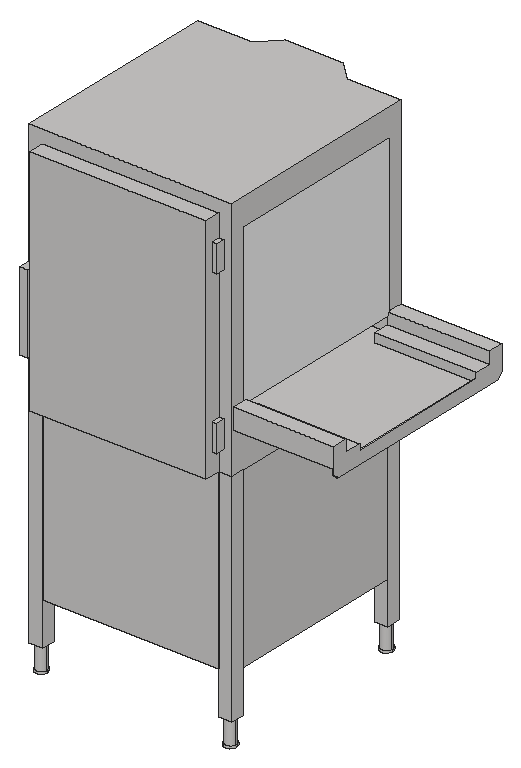
Revit family "QF_ELECTROLUXPROFESSIONAL_510502_RPWMDDR", category Specialty Equipment, Revit 2018
Family settings
  Round Connector Dimension = Use Diameter
  Part Type = Normal
  Work Plane-Based = No
  Always vertical = Yes
  Cut with Voids When Loaded = No
  Shared = No
  Room Calculation Point = No
Parameters
  hood_sx [instance] = yes
  Weight = 0.00 kg
  Watts = 0 W
  Volts = 220 V
  URL Manufacturer = "http://professional.electrolux.com/"
  URL = "http://professional.electrolux.com/"
  Steam Supply Size = 0 mm
  Steam Supply Minimum Pressure = 0.0 Pa
  Steam Supply Maximum Pressure = 0.0 Pa
  Steam Pounds per Hour = 0
  Show Clearance [instance] = yes
  Refrigeration Suction Line Size = 0 mm
  Refrigeration Liquid Line Size = 0 mm
  Refrigerant Compressor Remote = yes
  Manufacturer = "Electrolux"
  Phase = 0
  Model = "RPWMDDR"
  Length Actual = 600 mm  # constant formula
  Item Number = "510502"
  Hot Water Size = 12.7 mm
  Height Actual = 1450 mm  # constant formula
  HP = "1.2 HP"
  Gas Size = 0 mm
  Gas KW = 0
  Gas Input Pressure = 0 W
  Direct Waste Size = 139.7 mm
  Description = "REMOTE PREWASH MODULE, MACHINE DRIVEN RT-LEFT TO RIGHT"
  Depth Actual = 726 mm  # constant formula
  Cycle = 50 Hz
  Condensate Return Size = 0 mm
  Compressed Air Volume = 0.0 L/s
  Compressed Air Size = 0 mm
  Compressed Air Pressure = 0.0 Pa
  Cold Water Size = 12.7 mm
  Accessory = yes
Reference planes
  plane 1: z = 0
  plane 2 "Center Y": x = 883.437
  plane 3 "LEFT": x = 583.437
  plane 4 "RIGHT": x = 1183.437
  plane 5 "BACK": y = 313.258
  plane 6 "FRONT": y = -411.742
  plane 7 "TOP": z = 1450
  plane 8: z = 725
  plane 9: x = 1483.437
  plane 10 "Center X": y = -53.242
Forms (mm)
  Extrusion 1, solid, material "QF_Finishes_Stainless Steel"
    sketch origin (0, 0, 0) x (1, 0, 0) y (0, 1, 0)
      loop
        line (584.437, -325.742) -> (623.437, -325.742) -> (623.437, -364.742) -> (1143.437, -364.742) -> (1143.437, -325.742) -> (1182.437, -325.742) -> (1182.437, 219.258) -> (1143.437, 219.258) -> (1143.437, 258.258) -> (623.437, 258.258) -> (623.437, 219.258) -> (584.437, 219.258) -> (584.437, -325.742)
    from 201.366 to 725
  Extrusion 2, solid, material "QF_Finishes_Stainless Steel"
    sketch origin (0, 0, 0) x (1, 0, 0) y (0, 1, 0)
      loop
        line (583.437, 259.258) -> (583.437, -365.742) -> (1183.437, -365.742) -> (1183.437, 259.258) -> (583.437, 259.258)
    from 725 to 1450
  Extrusion 3, solid, material "QF_Finishes_Stainless Steel"
    sketch origin (0, 0, 0) x (1, 0, 0) y (0, 1, 0)
      loop
        line (623.437, -365.742) -> (623.437, -411.742) -> (1143.437, -411.742) -> (1143.437, -365.742) -> (623.437, -365.742)
    from 725 to 1410
  Extrusion 4, solid, material "QF_Finishes_Stainless Steel"
    sketch origin (1183.437, -365.742, 0) x (-1, 0, 0) y (0, 0, -1)
      loop
        line (40, -1345.389) -> (40, -1265.389) -> (25, -1265.389) -> (25, -1345.389) -> (40, -1345.389)
      loop
        line (40, -789.611) -> (25, -789.611) -> (25, -869.611) -> (40, -869.611) -> (40, -789.611)
    from 0 to 25.982
  Extrusion 5, solid, material "QF_Finishes_Stainless Steel"
    sketch origin (583.437, 437.565, 4000) x (0, 1, 0) y (0, 0, 1)
      loop
        line (-803.307, -2904.611) -> (-849.307, -2904.611) -> (-849.307, -3139.611) -> (-834.307, -3139.611) -> (-834.307, -2979.611) -> (-803.307, -2979.611) -> (-803.307, -2904.611)
    from 9.482 to 31.615
  Extrusion 6, solid, material "QF_Finishes_Stainless Steel"
    sketch origin (0, 0, 0) x (1, 0, 0) y (0, 1, 0)
      loop
        line (743.437, 259.258) -> (1023.437, 259.258) -> (969.437, 313.258) -> (797.437, 313.258) -> (743.437, 259.258)
    from 725 to 1450
  Extrusion 7, void
    sketch origin (583.437, 239.258, 0) x (0, -1, 0) y (0, 0, -1)
      loop
        line (20, -1370) -> (565, -1370) -> (565, -850) -> (20, -850) -> (20, -1370)
    from 0 to 1288.989
  Extrusion 8, solid, material "QF_Finishes_Trasparent Plastic"
    sketch origin (1328.306, -1560.5, 1370) x (1, 0, 0) y (0, 1, 0)
      loop
        line (-744.868, 1779.758) -> (-744.868, 1234.758) -> (-742.868, 1234.758) -> (-742.868, 1779.758) -> (-744.868, 1779.758)
    from 0 to -471.033
  Extrusion 9, solid, material "QF_Finishes_Trasparent Plastic"
    sketch origin (438.569, -1560.5, 1370) x (-1, 0, 0) y (0, -1, 0)
      loop
        line (-744.868, -1779.758) -> (-742.868, -1779.758) -> (-742.868, -1234.758) -> (-744.868, -1234.758) -> (-744.868, -1779.758)
    from 0 to -471.033
  Extrusion 10, solid, material "QF_Door-Drawer Clearances", visible <- "Show Clearance", detail levels coarse
    sketch origin (0, 0, 0) x (1, 0, 0) y (0, 1, 0)
      loop
        arc (623.437, -411.742) -> (1143.437, -931.742) -> (1663.437, -411.742) r 520
        line (1663.437, -411.742) -> (623.437, -411.742)
    from 725 to 1410
  Extrusion 11, solid, material "QF_Finishes_Stainless Steel"
    sketch origin (0, 0, 0) x (1, 0, 0) y (0, 1, 0)
      loop
        circle (1041.337, 36.258) r 10
    from 173.899 to 201.366
  Extrusion 12, solid, material "QF_Finishes_Stainless Steel"
    sketch origin (-156.9, -246.9, 0) x (1, 0, 0) y (0, 1, 0)
      loop
        circle (1041.337, 36.258) r 10
    from 173.899 to 201.366
  Extrusion 13, solid, material "QF_Finishes_Stainless Steel"
    sketch origin (-306.9, -276.9, 0) x (1, 0, 0) y (0, 1, 0)
      loop
        circle (1041.337, 36.258) r 10
    from 173.899 to 201.366
  Extrusion 14, solid, material "QF_Finishes_Stainless Steel"
    sketch origin (-246.9, -276.9, 0) x (1, 0, 0) y (0, 1, 0)
      loop
        circle (1041.337, 36.258) r 10
    from 173.899 to 201.366
  Extrusion 15, solid, material "QF_Finishes_Stainless Steel"
    sketch origin (1630.46, -5.742, 0) x (0, 1, 0) y (0, 0, 1)
      loop
        line (-357.5, 850) -> (-312.5, 850) -> (-312.5, 820) -> (217.5, 820) -> (217.5, 850) -> (262.5, 850) -> (262.5, 910) -> (217.5, 910) -> (217.5, 875) -> (167.5, 875) -> (167.5, 850) -> (-262.5, 850) -> (-262.5, 875) -> (-312.5, 875) -> (-312.5, 910) -> (-357.5, 910) -> (-357.5, 850)
    from -447.022 to -147.022
  Extrusion 16, solid, material "QF_Finishes_Stainless Steel"
    sketch origin (1927.482, -5.742, 0) x (0, 1, 0) y (0, 0, 1)
      loop
        line (-357.5, 835) -> (-342.5, 820) -> (247.5, 820) -> (262.5, 835) -> (262.5, 910) -> (217.5, 910) -> (217.5, 875) -> (167.5, 875) -> (167.5, 858) -> (-262.5, 858) -> (-262.5, 875) -> (-312.5, 875) -> (-312.5, 910) -> (-357.5, 910) -> (-357.5, 835)
    from -447.022 to -444.045
Cuts and joins
  Extrusion 7 cuts Extrusion 2
  joined: Extrusion 1, Extrusion 2, Extrusion 3, Extrusion 4, Extrusion 5, Extrusion 6, Extrusion 11, Extrusion 12, Extrusion 14, Extrusion 15, Extrusion 16
Lines and regions (mm)
  model lines
    curve 1: line (583.437, -44.492, 898.967) -> (583.437, -44.492, 1369.026)
    curve 2: line (583.437, -106.992, 898.967) -> (583.437, -106.992, 1369.026)
    curve 3: line (583.437, -169.492, 898.967) -> (583.437, -169.492, 1369.026)
    curve 4: line (583.437, -231.992, 898.967) -> (583.437, -231.992, 1369.026)
    curve 5: line (583.437, -294.492, 898.967) -> (583.437, -294.492, 1369.026)
    curve 6: line (583.437, 18.008, 898.967) -> (583.437, 18.008, 1369.026)
    curve 7: line (583.437, 80.508, 898.967) -> (583.437, 80.508, 1369.026)
    curve 8: line (583.437, 143.008, 898.967) -> (583.437, 143.008, 1369.026)
    curve 9: line (583.437, 188.008, 898.967) -> (583.437, 188.008, 1369.026)
    curve 10: line (1183.437, -52.734, 898.967) -> (1183.437, -52.734, 1369.026)
    curve 11: line (1183.437, -115.234, 898.967) -> (1183.437, -115.234, 1369.026)
    curve 12: line (1183.437, -177.734, 898.967) -> (1183.437, -177.734, 1369.026)
    curve 13: line (1183.437, -240.234, 898.967) -> (1183.437, -240.234, 1369.026)
    curve 14: line (1183.437, -302.734, 898.967) -> (1183.437, -302.734, 1369.026)
    curve 15: line (1183.437, 9.766, 898.967) -> (1183.437, 9.766, 1369.026)
    curve 16: line (1183.437, 72.266, 898.967) -> (1183.437, 72.266, 1369.026)
    curve 17: line (1183.437, 134.766, 898.967) -> (1183.437, 134.766, 1369.026)
    curve 18: line (1183.437, 179.766, 898.967) -> (1183.437, 179.766, 1369.026)
  symbolic lines
    curve 19: line (583.437, 259.258, 0) -> (1183.437, 259.258, 0)
    curve 20: line (583.437, -365.742, 0) -> (583.437, 259.258, 0)
    curve 21: line (1183.437, -365.742, 0) -> (583.437, -365.742, 0)
    curve 22: line (1183.437, 259.258, 0) -> (1183.437, -365.742, 0)
    curve 23: line (743.437, 259.258, 0) -> (797.437, 313.258, 0)
    curve 24: line (797.437, 313.258, 0) -> (969.437, 313.258, 0)
    curve 25: line (969.437, 313.258, 0) -> (1023.437, 259.258, 0)
    curve 26: line (623.437, -365.742, 0) -> (623.437, -411.742, 0)
    curve 27: line (623.437, -411.742, 0) -> (1143.437, -411.742, 0)
    curve 28: line (1143.437, -411.742, 0) -> (1143.437, -365.742, 0)
    curve 29: line (592.919, -365.742, 0) -> (592.919, -411.742, 0)
    curve 30: line (592.919, -411.742, 0) -> (615.053, -411.742, 0)
    curve 31: line (615.053, -411.742, 0) -> (615.053, -365.742, 0)
    curve 32: line (1143.437, -391.724, 0) -> (1158.437, -391.724, 0)
    curve 33: line (1158.437, -391.724, 0) -> (1158.437, -365.742, 0)
    curve 36: line (1483.437, 256.758, 0) -> (1483.437, -363.242, 0)
    curve 37: line (1483.437, -363.242, 0) -> (1183.437, -363.242, 0)
    curve 38: line (1183.437, -318.242, 0) -> (1483.437, -318.242, 0)
    curve 39: line (1483.437, 211.758, 0) -> (1183.437, 211.758, 0)
    curve 40: line (1483.437, 256.758, 0) -> (1183.437, 256.758, 0)
    curve 41: line (1480.46, 161.758, 0) -> (1480.46, -268.242, 0)
    curve 42: line (1183.437, 161.758, 0) -> (1183.437, -268.242, 0)
    curve 43: line (1183.437, 161.758, 0) -> (1483.437, 161.758, 0)
    curve 44: line (1483.437, -268.242, 0) -> (1183.437, -268.242, 0)
    curve 45: line (583.437, -53.242, 0) -> (613.437, -53.242, 0)
    curve 46: line (1483.437, -53.242, 0) -> (1453.437, -53.242, 0)
  symbolic lines, style "QF_Door-Drawer Clearances"
    curve 34: arc (623.437, -411.742, 0) -> (1143.437, -931.742, 0) -> (1663.437, -411.742, 0) r 520
    curve 35: line (1663.437, -411.742, 0) -> (623.437, -411.742, 0)
Dimensions and locks
  plane 3 "LEFT" to plane 4 "RIGHT" = 600 mm
  plane 5 "BACK" to plane 6 "FRONT" = 725 mm
  equal spacing: plane 3 "LEFT", plane 2 "Center Y", plane 4 "RIGHT"
  aligned and locked: level to plane 1
  aligned and locked: plane 7 "TOP" to Extrusion 2
  aligned and locked: Extrusion 11 to Extrusion 1
Automatic sketch dimensions
  Extrusion 1 sketch curve to plane 4 "RIGHT" = 1 mm
  plane 3 "LEFT" to Extrusion 1 sketch curve = 40 mm
  Extrusion 1 sketch curve to plane 4 "RIGHT" = 40 mm  (x2)
  Extrusion 3 sketch curve to plane 6 "FRONT" = 0 mm
  plane 3 "LEFT" to Extrusion 3 sketch curve = 40 mm
  Extrusion 3 sketch curve to plane 4 "RIGHT" = 40 mm
  Extrusion 4 sketch curve to Extrusion 2 = 25 mm  (x2)
  Extrusion 4 sketch curve to Extrusion 4 sketch curve = 15 mm  (x2)
  Extrusion 2 to Extrusion 4 sketch curve = 104.611 mm
  Extrusion 4 sketch curve to Extrusion 4 sketch curve = 80 mm
  Extrusion 2 to Extrusion 4 sketch curve = 144.611 mm
  Extrusion 2 to Extrusion 4 sketch curve = 64.611 mm
  Extrusion 5 sketch curve to plane 6 "FRONT" = 0 mm
  Extrusion 5 sketch curve to Extrusion 5 sketch curve = 15 mm
  plane 8 to Extrusion 5 sketch curve = 135.389 mm
  Extrusion 5 sketch curve to Extrusion 5 sketch curve = 160 mm
  Extrusion 5 sketch curve to Extrusion 5 sketch curve = 75 mm
  Extrusion 6 sketch curve to plane 5 "BACK" = 0 mm
  Extrusion 7 sketch curve to Extrusion 2 = 40 mm
  Extrusion 2 to Extrusion 7 sketch curve = 40 mm
  Extrusion 7 sketch curve to Extrusion 2 = 80 mm
  Extrusion 7 sketch curve to Extrusion 2 = 125 mm
  Extrusion 8 sketch curve to plane 3 "LEFT" = 0 mm
  Extrusion 8 sketch curve to Extrusion 8 sketch curve = 2 mm
  curve 5 to Extrusion 8 = 0 mm
  curve 4 to Extrusion 8 = 0 mm
  curve 3 to Extrusion 8 = 0 mm
  curve 2 to Extrusion 8 = 0 mm
  curve 1 to Extrusion 8 = 0 mm
  curve 6 to Extrusion 8 = 0 mm
  curve 7 to Extrusion 8 = 0 mm
  curve 8 to Extrusion 8 = 0 mm
  curve 9 to Extrusion 8 = 0 mm
  Extrusion 8 to curve 5 = 0.974 mm
  Extrusion 8 to curve 5 = 31.25 mm
  curve 5 to curve 4 = 62.5 mm
  Extrusion 8 to curve 3 = 0.974 mm
  curve 4 to curve 3 = 62.5 mm
  Extrusion 8 to curve 2 = 0.974 mm
  curve 3 to curve 2 = 62.5 mm
  Extrusion 8 to curve 1 = 0.974 mm
  curve 2 to curve 1 = 62.5 mm
  Extrusion 8 to curve 6 = 0.974 mm
  curve 1 to curve 6 = 62.5 mm
  Extrusion 8 to curve 7 = 0.974 mm
  curve 6 to curve 7 = 62.5 mm
  Extrusion 8 to curve 8 = 0.974 mm
  curve 7 to curve 8 = 62.5 mm
  Extrusion 8 to curve 9 = 0.974 mm
  curve 9 to Extrusion 8 = 31.25 mm
  Extrusion 8 to curve 4 = 0.974 mm
  Extrusion 9 sketch curve to plane 4 "RIGHT" = 0 mm
  Extrusion 9 sketch curve to Extrusion 9 sketch curve = 2 mm
  curve 14 to Extrusion 9 = 0 mm
  curve 13 to Extrusion 9 = 0 mm
  curve 12 to Extrusion 9 = 0 mm
  curve 11 to Extrusion 9 = 0 mm
  curve 10 to Extrusion 9 = 0 mm
  curve 15 to Extrusion 9 = 0 mm
  curve 16 to Extrusion 9 = 0 mm
  curve 17 to Extrusion 9 = 0 mm
  curve 18 to Extrusion 9 = 0 mm
  Extrusion 9 to curve 14 = 0.974 mm
  Extrusion 9 to curve 14 = 23.008 mm
  curve 14 to curve 13 = 62.5 mm
  Extrusion 9 to curve 12 = 0.974 mm
  curve 13 to curve 12 = 62.5 mm
  Extrusion 9 to curve 11 = 0.974 mm
  curve 12 to curve 11 = 62.5 mm
  Extrusion 9 to curve 10 = 0.974 mm
  curve 11 to curve 10 = 62.5 mm
  Extrusion 9 to curve 15 = 0.974 mm
  curve 10 to curve 15 = 62.5 mm
  Extrusion 9 to curve 16 = 0.974 mm
  curve 15 to curve 16 = 62.5 mm
  Extrusion 9 to curve 17 = 0.974 mm
  curve 16 to curve 17 = 62.5 mm
  Extrusion 9 to curve 18 = 0.974 mm
  curve 18 to Extrusion 9 = 39.492 mm
  Extrusion 9 to curve 13 = 0.974 mm
  Extrusion 10 sketch curve to plane 6 "FRONT" = 0 mm
  plane 3 "LEFT" to Extrusion 10 sketch curve = 40 mm
  Extrusion 10 sketch curve to plane 4 "RIGHT" = 40 mm
  Extrusion 2 sketch curve to plane 3 "LEFT" = 0 mm
  Extrusion 2 sketch curve to plane 4 "RIGHT" = 0 mm
  Extrusion 1 sketch curve to Extrusion 1 sketch curve = 39 mm  (x5)
  plane 3 "LEFT" to Extrusion 1 sketch curve = 1 mm
  Extrusion 6 sketch curve to plane 2 "Center Y" = 140 mm
  Extrusion 6 sketch curve to Extrusion 6 sketch curve = 54 mm  (x2)
  Extrusion 11 sketch curve to plane 4 "RIGHT" = 142.1 mm
  Extrusion 13 sketch curve to plane 2 "Center Y" = 149 mm
  Extrusion 14 sketch curve to plane 2 "Center Y" = 89 mm
  plane 2 "Center Y" to Extrusion 6 sketch curve = 86 mm
  plane 2 "Center Y" to Extrusion 12 sketch curve = 1 mm
  plane 6 "FRONT" to Extrusion 1 sketch curve = 47 mm
  Extrusion 1 sketch curve to plane 5 "BACK" = 94 mm
  plane 6 "FRONT" to Extrusion 2 sketch curve = 46 mm
  Extrusion 2 sketch curve to plane 5 "BACK" = 54 mm
  plane 6 "FRONT" to Extrusion 3 sketch curve = 46 mm
  Extrusion 5 sketch curve to Extrusion 5 sketch curve = 46 mm
  Extrusion 6 sketch curve to plane 5 "BACK" = 54 mm
  plane 6 "FRONT" to Extrusion 8 sketch curve = 86 mm
  Extrusion 8 sketch curve to plane 5 "BACK" = 94 mm
  Extrusion 9 sketch curve to plane 5 "BACK" = 94 mm
  plane 6 "FRONT" to Extrusion 9 sketch curve = 86 mm
  plane 6 "FRONT" to Extrusion 13 sketch curve = 171.1 mm
  plane 6 "FRONT" to Extrusion 14 sketch curve = 171.1 mm
  plane 6 "FRONT" to Extrusion 15 sketch curve = 48.5 mm
  Extrusion 15 sketch curve to Extrusion 15 sketch curve = 45 mm  (x2)
  Extrusion 15 sketch curve to Extrusion 15 sketch curve = 0 mm  (x3)
  Extrusion 15 sketch curve to Extrusion 15 sketch curve = 50 mm  (x2)
  Extrusion 15 sketch curve to plane 5 "BACK" = 151.5 mm
  plane 8 to Extrusion 15 sketch curve = 95 mm
  Extrusion 15 sketch curve to Extrusion 15 sketch curve = 30 mm  (x2)
  Extrusion 15 sketch curve to Extrusion 15 sketch curve = 25 mm  (x2)
  Extrusion 15 sketch curve to Extrusion 15 sketch curve = 35 mm  (x2)
  plane 6 "FRONT" to Extrusion 16 sketch curve = 48.5 mm
  Extrusion 16 sketch curve to Extrusion 16 sketch curve = 15 mm  (x4)
  Extrusion 16 sketch curve to Extrusion 16 sketch curve = 45 mm
  Extrusion 16 sketch curve to Extrusion 16 sketch curve = 50 mm  (x2)
  Extrusion 16 sketch curve to plane 5 "BACK" = 151.5 mm
  Extrusion 16 sketch curve to Extrusion 16 sketch curve = 30 mm
  plane 8 to Extrusion 16 sketch curve = 95 mm
  Extrusion 16 sketch curve to Extrusion 16 sketch curve = 38 mm
  Extrusion 16 sketch curve to Extrusion 16 sketch curve = 17 mm  (x2)
  Extrusion 16 sketch curve to Extrusion 16 sketch curve = 35 mm  (x2)
  Extrusion 11 sketch curve to plane 5 "BACK" = 277 mm
  plane 6 "FRONT" to Extrusion 12 sketch curve = 201.1 mm
  curve 21 to plane 3 "LEFT" = 0 mm
  curve 29 to plane 6 "FRONT" = 0 mm
  curve 45 to plane 10 "Center X" = 0 mm
  curve 34 to plane 6 "FRONT" = 0 mm
  curve 24 to plane 5 "BACK" = 0 mm
  curve 22 to plane 4 "RIGHT" = 0 mm
  curve 44 to plane 4 "RIGHT" = 0 mm
  curve 46 to plane 10 "Center X" = 0 mm
  curve 39 to plane 9 = 0 mm
  plane 3 "LEFT" to curve 29 = 9.482 mm
  curve 29 to curve 30 = 22.134 mm
  curve 30 to curve 35 = 8.385 mm
  curve 24 to plane 2 "Center Y" = 86 mm
  plane 2 "Center Y" to curve 25 = 86 mm
  curve 27 to plane 4 "RIGHT" = 40 mm
  curve 34 to curve 27 = 0 mm
  curve 32 to curve 33 = 15 mm
  plane 6 "FRONT" to curve 32 = 20.018 mm
  curve 32 to curve 22 = 25.982 mm
  plane 6 "FRONT" to curve 36 = 48.5 mm
  curve 37 to curve 42 = 95 mm
  curve 43 to plane 5 "BACK" = 151.5 mm
  curve 40 to plane 5 "BACK" = 56.5 mm
  curve 40 to curve 19 = 2.5 mm
  curve 45 to curve 45 = 30 mm
  curve 23 to curve 23 = 54 mm
  curve 24 to curve 25 = 54 mm
  curve 46 to plane 9 = 30 mm
  curve 41 to curve 43 = 2.978 mm
  curve 36 to curve 38 = 45 mm
  curve 39 to curve 40 = 45 mm
  radius of Extrusion 11 sketch curve = 10 mm
  radius of Extrusion 12 sketch curve = 10 mm
  radius of Extrusion 13 sketch curve = 10 mm
  radius of Extrusion 14 sketch curve = 10 mm
Nested families
  nested 1: "Foot_40x40" at (1163.437, -345.742, 0), type "Foot_40x40"
    with A 725 mm
  nested 2: "Foot_40x40" at (603.437, -345.742, 0), type "Foot_40x40"
    with A 725 mm
  nested 3: "Foot_40x40" at (1163.437, 231.016, 0), type "Foot_40x40"
    with A 725 mm
  nested 4: "Foot_40x40" at (603.437, 239.258, 0), type "Foot_40x40"
    with A 725 mm
Connectors
  piping at (1041.337, 36.258, 173.899), diameter 20
    settings: on Extrusion 11, index 1, connector inside diameter 609.6 mm, connector length 0 mm, flow factor 0, pipe flow 0.0 L/s, pressure drop 0.0 Pa, fitting loss kfactor 0, connector angle 0.00°, fixture units 0, engagement length 0 mm, angle of deflection 0.00°, flow configuration 1, flow direction 2, fitting loss method 0, system type 16, joint type 0, gender type 0, connector reference index -1, connector utility 0, adjustable connector no, is connector primary yes, connector description "Drain"
  electrical at (884.437, -210.642, 173.899)
    settings: on Extrusion 12, index 2, voltage 0 V, apparent load 0 VA, apparent load phase1 0 VA, apparent load phase2 0 VA, apparent load phase3 0 VA, power factor 1, load classification "Other", number of poles 1, system type 30, power factor state 1, is connector primary yes, connector utility no, sub classification motor no, connector description "Electrical Connection"
  piping at (734.437, -240.642, 173.899), diameter 20
    settings: on Extrusion 13, index 3, connector inside diameter 609.6 mm, connector length 0 mm, flow factor 0, pipe flow 0.0 L/s, pressure drop 0.0 Pa, fitting loss kfactor 0, connector angle 0.00°, fixture units 0, engagement length 0 mm, angle of deflection 0.00°, flow configuration 1, flow direction 1, fitting loss method 0, system type 20, joint type 0, gender type 0, connector reference index -1, connector utility 0, adjustable connector no, is connector primary no, connector description "Cold Water Inlet"
  piping at (794.437, -240.642, 173.899), diameter 20
    settings: on Extrusion 14, index 4, connector inside diameter 609.6 mm, connector length 0 mm, flow factor 0, pipe flow 0.0 L/s, pressure drop 0.0 Pa, fitting loss kfactor 0, connector angle 0.00°, fixture units 0, engagement length 0 mm, angle of deflection 0.00°, flow configuration 1, flow direction 1, fitting loss method 0, system type 19, joint type 0, gender type 0, connector reference index -1, connector utility 0, adjustable connector no, is connector primary no, connector description "Hot Water Inlet"
Definition of nested family "Foot_40x40"
  Parameters
    A [instance] = 850 mm
  Reference planes
    plane 1 "Centro (Fronte/Retro)": y = 0
    plane 2: z = 0
    plane 3 "Centro (Sinistra/Destra)": x = 0
    plane 4: z = 850
  Forms (mm)
    Extrusion 1, solid
      sketch origin (0, 0, 0) x (1, 0, 0) y (0, 1, 0)
        loop
          circle (0, 0) r 18
      from 0 to 5
    Extrusion 2, solid
      sketch origin (0, 0, 5) x (1, 0, 0) y (0, 1, 0)
        loop
          circle (0, 0) r 15
      from 0 to 70
    Extrusion 3, solid
      sketch origin (0, 0, 75) x (1, 0, 0) y (0, 1, 0)
        loop
          line (-20, 20) -> (-20, -20) -> (20, -20) -> (20, 20) -> (-20, 20)
      from 0 to 775
  Dimensions and locks
    "A": plane 4 to plane 2
    aligned and locked: level to plane 2
    aligned and locked: plane 4 to Extrusion 3
    aligned and locked: Extrusion 1 to level
  Automatic sketch dimensions
    plane 1 "Centro (Fronte/Retro)" to Extrusion 1 sketch curve = 0 mm
    Extrusion 1 sketch curve to plane 3 "Centro (Sinistra/Destra)" = 0 mm
    Extrusion 3 sketch curve to Extrusion 3 sketch curve = 40 mm  (x2)
    radius of Extrusion 1 sketch curve = 18 mm
    radius of Extrusion 2 sketch curve to Extrusion 1 = 3 mm
